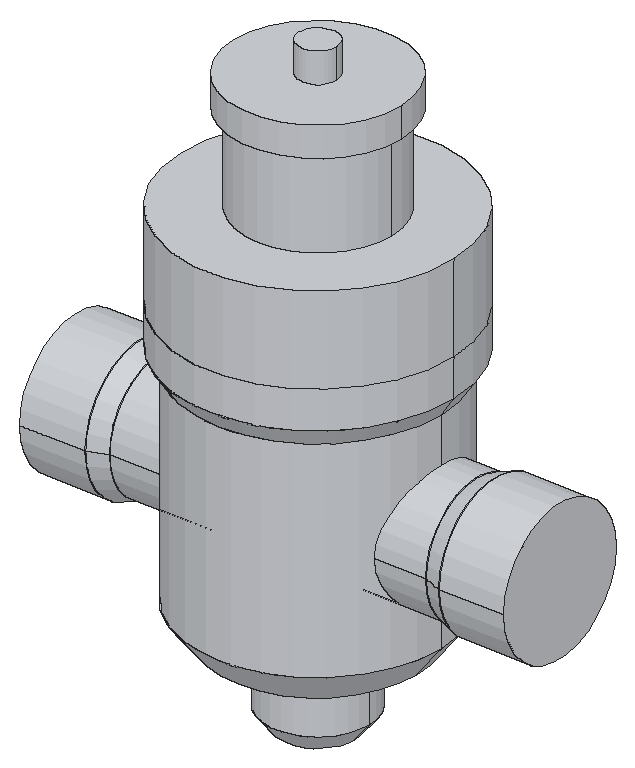
Revit family "VSX12P_DN15_PN16_RFA_2018", category Pipe Accessories, Revit 2018
Family settings
  Round Connector Dimension = Use Diameter
  Part Type = Valve - Breaks Into
  Work Plane-Based = No
  Always vertical = Yes
  Cut with Voids When Loaded = No
  Shared = No
Parameters (values of type "VSX12P G1/2  PN16 kvs1,0")
  magiProductId = ""
  magiProductFamilyId = ""
  magiPartTypeId = 306
  isMeasuringValve [instance] = no
  ang2D [instance] = 0.00°
  Z8 = 4 mm
  Z7__ve = -Z7  # -3.2 mm
  Z7 = 3.2 mm
  Z5 = 9.45 mm
  Z3 = 2 mm
  Z2 = 4.6 mm
  Z1 = 3.45 mm
  X4__ve = -X4  # -7 mm
  X4 = 7 mm
  X3 = 34 mm
  W2D = 15 mm
  VersionID = ""
  Use Minimum Symbol Size [instance] = yes
  URL = "www.hydronix.cz"
  Type Comments = "Závitový, vnější závit, ploché těsnění; LIN charakteristika; PN16; +5~+95°C; max.rychlost proudění 3,0 m/s"
  R9 = 9 mm
  R8 = 2 mm
  R7 = 14.63 mm
  R6 = 10.64 mm
  R5 = 6.703 mm
  R4 = 5.586 mm
  R3 = 3.99 mm
  R2 = 13.3 mm
  R10 = 8 mm
  R1 = 6.75 mm
  QmdConnectorList = "301;D;302;D"
  Productdata [instance] = ""
  Manufacturer = "Hydronix"
  MC Product Code = "VSX12P (G1/2\"; dpmax=250kPa; kvs 1,0)"
  LT2 = 19 mm
  L2D_Min = 3048 mm
  L2D = 38 mm
  H1 = 22.5 mm
  H = 27 mm
  E = 16 mm
  Description = "2 cestný regulační ventil malých spotřebičů, DN15; zdvih 2,5mm; max dp 250kPa; kvs1,0"
  DT2 = 7.5 mm
  D = 15 mm
  CAT0 = yes
  C = 23 mm
Types (8, lengths in mm): name | Z5 | Z2 | Z1 | X3 | R7 | R6 | R5 | R4 | R3 | R2 | R1 | MC Product Code | LT2 | H | Description | DT2 | D | C
  VSX09P G1/2  PN16 kvs0,25 | 9.45 | 4.6 | 3.45 | 34 | 14.63 | 10.64 | 6.703 | 5.586 | 3.99 | 13.3 | 6.75 | "VSX09P (G1/2\"; dpmax=250kPa; kvs 0,25)" | 19 | 27 | "2 cestný regulační ventil malých spotřebičů, DN15; zdvih 2,5mm; max dp 250kPa; kvs0,25" | 7.5 | 15 | 23
  VSX10P G1/2  PN16 kvs0,4 | 9.45 | 4.6 | 3.45 | 34 | 14.63 | 10.64 | 6.703 | 5.586 | 3.99 | 13.3 | 6.75 | "VSX10P (G1/2\"; dpmax=250kPa; kvs 0,4)" | 19 | 27 | "2 cestný regulační ventil malých spotřebičů, DN15; zdvih 2,5mm; max dp 250kPa; kvs0,4" | 7.5 | 15 | 23
  VSX11P G1/2  PN16 kvs0,6 | 9.45 | 4.6 | 3.45 | 34 | 14.63 | 10.64 | 6.703 | 5.586 | 3.99 | 13.3 | 6.75 | "VSX11P (G1/2\"; dpmax=250kPa; kvs 0,6)" | 19 | 27 | "2 cestný regulační ventil malých spotřebičů, DN15; zdvih 2,5mm; max dp 250kPa; kvs0,6" | 7.5 | 15 | 23
  VSX12P G1/2  PN16 kvs1,0 | 9.45 | 4.6 | 3.45 | 34 | 14.63 | 10.64 | 6.703 | 5.586 | 3.99 | 13.3 | 6.75 | "VSX12P (G1/2\"; dpmax=250kPa; kvs 1,0)" | 19 | 27 | "2 cestný regulační ventil malých spotřebičů, DN15; zdvih 2,5mm; max dp 250kPa; kvs1,0" | 7.5 | 15 | 23
  VSX13P G1/2  PN16 kvs1,6 | 9.45 | 4.6 | 3.45 | 34 | 14.63 | 10.64 | 6.703 | 5.586 | 3.99 | 13.3 | 6.75 | "VSX13P (G1/2\"; dpmax=250kPa; kvs 1,6)" | 19 | 27 | "2 cestný regulační ventil malých spotřebičů, DN15; zdvih 2,5mm; max dp 250kPa; kvs1,6" | 7.5 | 15 | 23
  VSX21P G3/4  PN16 kvs2,5 | 9.1 | 4.8 | 3.6 | 38 | 16.17 | 11.76 | 7.409 | 6.174 | 4.41 | 14.7 | 9 | "VSX21P (G3/4\"; dpmax=150kPa; kvs 2,5)" | 21 | 26 | "2 cestný regulační ventil malých spotřebičů, DN20; zdvih 2,5mm; max dp 150kPa; kvs2,5" | 10 | 20 | 24
  VSX24P G3/4  PN16 kvs4,0 | 9.1 | 4.8 | 3.6 | 38 | 16.17 | 11.76 | 7.409 | 6.174 | 4.41 | 14.7 | 9 | "VSX24P (G3/4\"; dpmax=150kPa; kvs 4,0)" | 21 | 26 | "2 cestný regulační ventil malých spotřebičů, DN20; zdvih 2,5mm; max dp 150kPa; kvs4,0" | 10 | 20 | 24
  VSX26P G3/4  PN16 kvs6,0 | 9.1 | 4.8 | 3.6 | 38 | 16.17 | 11.76 | 7.409 | 6.174 | 4.41 | 14.7 | 9 | "VSX26P (G3/4\"; dpmax=150kPa; kvs 6,0)" | 21 | 26 | "2 cestný regulační ventil malých spotřebičů, DN20; zdvih 2,5mm; max dp 150kPa; kvs6,0" | 10 | 20 | 24
Reference planes
  plane 1 "Center (Front/Back)": y = 0
  plane 2 "XYPLANE": z = 0
  plane 3 "Center (Left/Right)": x = 0
  plane 4 "271": z = 36.6
  plane 5 "254": z = 11.55
  plane 6 "253": z = 17.55
  plane 7 "148": z = 39.8
  plane 8 "132": z = 43
  plane 9 "62": z = 13.55
  plane 10 "53": z = 27
  plane 11 "52": z = -10.95
  plane 12 "48": z = -14.4
  plane 13 "47": z = -16.4
  plane 14 "38": z = -21
  plane 15 "37": x = 17
  plane 16 "36": x = 19
  plane 17 "23": z = -23
  plane 18 "19": x = -17
  plane 19 "15": x = -19
  plane 20 "6": x = 26
  plane 21 "5": x = -26
  plane 22 "3": z = 0
  plane 23 "2": y = 0
  plane 24 "1": x = 0
Forms (mm)
  Extrusion 1, solid, visible <- "CAT0"
    sketch origin (-750, 0, 43) x (1, 0, 0) y (0, 1, 0)
      loop
        circle (750, 0) r 2
    from 0 to -3.2 <- "Z7__ve"
  Extrusion 2, solid, visible <- "CAT0"
    sketch origin (-750, 0, 36.6) x (1, 0, 0) y (0, 1, 0)
      loop
        circle (750, 0) r 8
    from 0 to -19
  Extrusion 3, solid, visible <- "CAT0"
    sketch origin (-17, -750, 0) x (0, 1, 0) y (0, 0, 1)
      loop
        circle (750, 0) r 6.75
    from 0 to 34 <- "X3"
  Extrusion 4, solid
    sketch origin (-750, 0, 13.55) x (1, 0, 0) y (0, 1, 0)
      loop
        circle (750, 0) r 14.63
    from 0 to 4 <- "Z8"
  Extrusion 5, solid
    sketch origin (-750, 0, 39.8) x (1, 0, 0) y (0, 1, 0)
      loop
        circle (750, 0) r 9
    from 0 to -3.2 <- "Z7__ve"
  Extrusion 6, solid
    sketch origin (-750, 0, 17.55) x (1, 0, 0) y (0, 1, 0)
      loop
        circle (750, 0) r 14.63
    from 0 to 9.45 <- "Z5"
  Blend 7, solid
    base sketch origin (-750, 0, 11.55) x (1, 0, 0) y (0, 1, 0)
      loop
        circle (750, 0) r 13.3
    top sketch origin (-750, 0, 11.55) x (1, 0, 0) y (0, 1, 0)
      loop
        circle (750, 0) r 14.63
    from 0 to 2
  Blend 8, solid
    base sketch origin (-750, 0, -10.95) x (1, 0, 0) y (0, 1, 0)
      loop
        circle (750, 0) r 13.3
    top sketch origin (-750, 0, -10.95) x (1, 0, 0) y (0, 1, 0)
      loop
        circle (750, 0) r 10.64
    from 0 to -3.45
  Blend 9, solid
    base sketch origin (-750, 0, -14.4) x (1, 0, 0) y (0, 1, 0)
      loop
        circle (750, 0) r 6.703
    top sketch origin (-750, 0, -14.4) x (1, 0, 0) y (0, 1, 0)
      loop
        circle (750, 0) r 5.586
    from 0 to -2
  Extrusion 10, solid
    sketch origin (-750, 0, -21) x (1, 0, 0) y (0, 1, 0)
      loop
        circle (750, 0) r 5.586
    from 0 to 4.6 <- "Z2"
  Blend 11, solid
    base sketch origin (-750, 0, -23) x (1, 0, 0) y (0, 1, 0)
      loop
        circle (750, 0) r 3.99
    top sketch origin (-750, 0, -23) x (1, 0, 0) y (0, 1, 0)
      loop
        circle (750, 0) r 5.586
    from 0 to 2
  Extrusion 12, solid
    sketch origin (26, -750, 0) x (0, 1, 0) y (0, 0, 1)
      loop
        circle (750, 0) r 7.5
    from 0 to -7 <- "X4__ve"
  Blend 13, solid
    base sketch origin (19, -750, 0) x (0, 1, 0) y (0, 0, 1)
      loop
        circle (750, 0) r 7.5
    top sketch origin (19, -750, 0) x (0, 1, 0) y (0, 0, 1)
      loop
        circle (750, 0) r 6.75
    from 0 to -2
  Extrusion 14, solid
    sketch origin (-750, 0, -10.95) x (1, 0, 0) y (0, 1, 0)
      loop
        circle (750, 0) r 13.3
    from 0 to 22.5 <- "H1"
  Blend 15, solid
    base sketch origin (-19, -750, 0) x (0, 1, 0) y (0, 0, 1)
      loop
        circle (750, 0) r 7.5
    top sketch origin (-19, -750, 0) x (0, 1, 0) y (0, 0, 1)
      loop
        circle (750, 0) r 6.75
    from 0 to 2
  Extrusion 16, solid
    sketch origin (-26, -750, 0) x (0, 1, 0) y (0, 0, 1)
      loop
        circle (750, 0) r 7.5
    from 0 to 7 <- "X4"
  Extrusion 17, solid, not visible
    sketch origin (19, -750, 0) x (0, 1, 0) y (0, 0, 1)
      loop
        circle (750, 0) r 10
    from 0 to -10
  Extrusion 18, solid, not visible
    sketch origin (-19, -750, 0) x (0, 1, 0) y (0, 0, 1)
      loop
        circle (750, 0) r 10
    from 0 to 10
Lines and regions (mm)
  reference lines, not visible
    curve 1: circle (2, 2, 0) r 1 normal (0, 0, 1)
Dimensions and locks
  plane 1 "Center (Front/Back)" to curve 1 = 2 mm
  "Z7": plane 7 "148" to plane 4 "271"
  "Z3": plane 9 "62" to plane 5 "254"
  "Z5": plane 10 "53" to plane 6 "253"
  "Z7": plane 8 "132" to plane 7 "148"
  "E": plane 10 "53" to plane 8 "132"
  "Z8": plane 6 "253" to plane 9 "62"
  "H": plane 2 "XYPLANE" to plane 10 "53"
  "Z1": plane 12 "48" to plane 11 "52"
  "Z3": plane 13 "47" to plane 12 "48"
  "Z2": plane 14 "38" to plane 13 "47"
  "Z3": plane 17 "23" to plane 14 "38"
  locked: plane 16 "36" to plane 15 "37" at 2
  "LT2": plane 3 "Center (Left/Right)" to plane 16 "36"
  "C": plane 2 "XYPLANE" to plane 17 "23"
  locked: plane 19 "15" to plane 18 "19" at 2
  "LT2": plane 3 "Center (Left/Right)" to plane 19 "15"
  "X4": plane 16 "36" to plane 20 "6"
  "X4": plane 19 "15" to plane 21 "5"
  locked: plane 2 "XYPLANE" to plane 22 "3"
  locked: plane 1 "Center (Front/Back)" to plane 23 "2"
  locked: plane 3 "Center (Left/Right)" to plane 24 "1"
  "R8": radius of Extrusion 1 sketch curve
  "R10": radius of Extrusion 2 sketch curve
  "R1": radius of Extrusion 3 sketch curve
  "R7": radius of Extrusion 4 sketch curve
  "R9": radius of Extrusion 5 sketch curve
  "R7": radius of Extrusion 6 sketch curve
  "R7": radius of Blend 7 sketch curve
  "R2": radius of Blend 7 sketch curve
  "R6": radius of Blend 8 sketch curve
  "R2": radius of Blend 8 sketch curve
  "R4": radius of Blend 9 sketch curve
  "R5": radius of Blend 9 sketch curve
  "R4": radius of Extrusion 10 sketch curve
  "R4": radius of Blend 11 sketch curve
  "R3": radius of Blend 11 sketch curve
  "DT2": radius of Extrusion 12 sketch curve
  "R1": radius of Blend 13 sketch curve
  "DT2": radius of Blend 13 sketch curve
  "R2": radius of Extrusion 14 sketch curve
  "R1": radius of Blend 15 sketch curve
  "DT2": radius of Blend 15 sketch curve
  "DT2": radius of Extrusion 16 sketch curve
  aligned and locked: level to plane 2 "XYPLANE"
  aligned and locked: plane 23 "2" to Extrusion 1 sketch curve
  aligned and locked: plane 24 "1" to Extrusion 1 sketch curve
  aligned and locked: plane 23 "2" to Extrusion 2 sketch curve
  aligned and locked: plane 24 "1" to Extrusion 2 sketch curve
  aligned and locked: plane 22 "3" to Extrusion 3 sketch curve
  aligned and locked: Extrusion 3 sketch curve to plane 23 "2"
  aligned and locked: plane 23 "2" to Extrusion 4 sketch curve
  aligned and locked: plane 24 "1" to Extrusion 4 sketch curve
  aligned and locked: plane 23 "2" to Extrusion 5 sketch curve
  aligned and locked: plane 24 "1" to Extrusion 5 sketch curve
  aligned and locked: plane 23 "2" to Extrusion 6 sketch curve
  aligned and locked: plane 24 "1" to Extrusion 6 sketch curve
  aligned and locked: plane 23 "2" to Blend 7 sketch curve  (x2)
  aligned and locked: plane 24 "1" to Blend 7 sketch curve  (x2)
  aligned and locked: plane 9 "62" to Blend 7
  aligned and locked: plane 23 "2" to Blend 8 sketch curve  (x2)
  aligned and locked: plane 24 "1" to Blend 8 sketch curve  (x2)
  aligned and locked: Blend 8 to plane 12 "48"
  aligned and locked: plane 23 "2" to Blend 9 sketch curve  (x2)
  aligned and locked: plane 24 "1" to Blend 9 sketch curve  (x2)
  aligned and locked: Blend 9 to plane 13 "47"
  aligned and locked: plane 23 "2" to Extrusion 10 sketch curve
  aligned and locked: plane 24 "1" to Extrusion 10 sketch curve
  aligned and locked: plane 23 "2" to Blend 11 sketch curve  (x2)
  aligned and locked: plane 24 "1" to Blend 11 sketch curve  (x2)
  aligned and locked: plane 14 "38" to Blend 11
  aligned and locked: plane 22 "3" to Extrusion 12 sketch curve
  aligned and locked: Extrusion 12 sketch curve to plane 23 "2"
  aligned and locked: plane 22 "3" to Blend 13 sketch curve  (x2)
  aligned and locked: Blend 13 sketch curve to plane 23 "2"  (x2)
  aligned and locked: Blend 13 to plane 15 "37"
  aligned and locked: plane 23 "2" to Extrusion 14 sketch curve
  aligned and locked: plane 24 "1" to Extrusion 14 sketch curve
  aligned and locked: plane 22 "3" to Blend 15 sketch curve  (x2)
  aligned and locked: Blend 15 sketch curve to plane 23 "2"  (x2)
  aligned and locked: plane 18 "19" to Blend 15
  aligned and locked: plane 22 "3" to Extrusion 16 sketch curve
  aligned and locked: Extrusion 16 sketch curve to plane 23 "2"
  aligned and locked: plane 22 "3" to Extrusion 17 sketch curve
  aligned and locked: Extrusion 17 sketch curve to plane 23 "2"
  aligned and locked: plane 22 "3" to Extrusion 18 sketch curve
  aligned and locked: Extrusion 18 sketch curve to plane 23 "2"
Automatic sketch dimensions
  plane 1 "Center (Front/Back)" to Extrusion 17 sketch curve = 10 mm
  plane 1 "Center (Front/Back)" to Extrusion 18 sketch curve = 10 mm
  plane 3 "Center (Left/Right)" to curve 1 = 2 mm
  radius of curve 1 = 1 mm
Connectors
  piping at (-19, 0, 0), diameter 15, driven by "D"
    settings: on Extrusion 18, index 1, connector inside diameter 609.6 mm, connector length 0 mm, flow factor 0, pipe flow 0.0 L/s, pressure drop 0.0 Pa, fitting loss kfactor 0, connector angle 0.00°, fixture units 0, engagement length 0 mm, angle of deflection 0.00°, flow configuration 0, flow direction 0, fitting loss method 0, system type 29, joint type 0, gender type 0, connector reference index 2, connector utility 0, adjustable connector no, is connector primary yes, connector description ""
  piping at (19, 0, 0), diameter 15, driven by "D"
    settings: on Extrusion 17, index 2, connector inside diameter 609.6 mm, connector length 0 mm, flow factor 0, pipe flow 0.0 L/s, pressure drop 0.0 Pa, fitting loss kfactor 0, connector angle 0.00°, fixture units 0, engagement length 0 mm, angle of deflection 0.00°, flow configuration 0, flow direction 0, fitting loss method 0, system type 29, joint type 0, gender type 0, connector reference index 1, connector utility 0, adjustable connector no, is connector primary no, connector description ""
